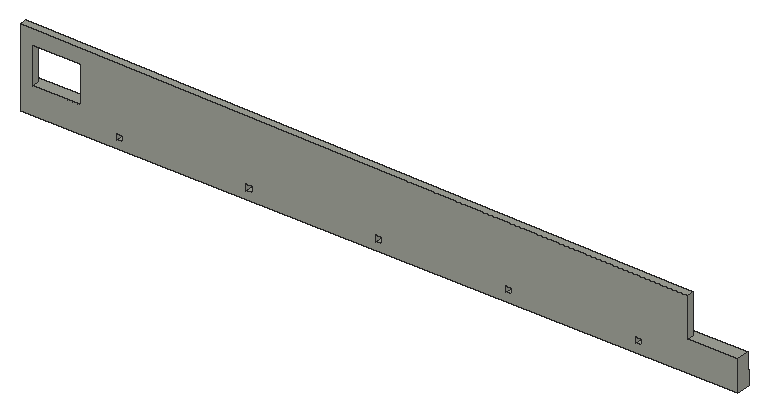
Revit family "CT_Blocos_Viga_Mestra_Junta", category Structural Framing, Revit 2025
Family settings
  Display in Hidden Views = Edges Hidden by Other Members
  Structural Framing Length Roundoff = 0.000 m
  Section Shape = Not Defined
  Material for Model Behavior = Concrete
  Always export as geometry = No
  OmniClass Number = 23.25.30.11.14.14
  OmniClass Title = Beams
  Always vertical = Yes
  Cut with Voids When Loaded = No
  Symbolic Representation = From Family
  Shared = No
  Show family pre-cut in plan views = Yes
Parameters (values of type "Viga_012x130_CON_BLC_MST_JDI")
  Structural Material [instance] = CT_Concreto
  Material_Vigas = CT_Concreto
  H2 [instance] = 1.140 m
  Assembly Code = ""
  Length [instance] = 11.920 m
  b = 0.120 m
  h = 1.300 m
Reference planes (m)
  plane 1 "Center (Front/Back)": y = 0
  plane 2: z = 0
  plane 3 "Center (Left/Right)": x = 5.20261
  plane 4: y = 0.06
  plane 5: y = -0.06
  plane 6: z = 1.3
  plane 7 "Left": x = -0.75739
  plane 8 "Right": x = 11.16261
  plane 9: z = 1.14
Forms (m)
  Extrusion 1, solid, material "CT_Concreto" <- "Material_Vigas"
    sketch origin (0, 0, 0) x (1, 0, 0) y (0, 0, 1)
      loop
        line (-0.75739, 1.3) -> (-0.75739, 0) -> (11.16261, 0) -> (11.16261, 0.5) -> (10.32761, 0.5) -> (10.32761, 1.151208) -> (-0.75739, 1.3)
      loop
        line (-0.55739, 0.45) -> (0.24261, 0.45) -> (0.24261, 1.05) -> (-0.55739, 1.05) -> (-0.55739, 0.45)
      loop
        line (0.84261, 0.135833) -> (0.94261, 0.135833) -> (0.94261, 0.235833) -> (0.84261, 0.235833) -> (0.84261, 0.135833)
      loop
        line (5.15261, 0.135833) -> (5.25261, 0.135833) -> (5.25261, 0.235833) -> (5.15261, 0.235833) -> (5.15261, 0.135833)
      loop
        line (9.56261, 0.135833) -> (9.56261, 0.235833) -> (9.46261, 0.235833) -> (9.46261, 0.135833) -> (9.56261, 0.135833)
      loop
        line (2.99761, 0.135833) -> (3.09761, 0.135833) -> (3.09761, 0.235833) -> (2.99761, 0.235833) -> (2.99761, 0.135833)
      loop
        line (7.40761, 0.135833) -> (7.40761, 0.235833) -> (7.30761, 0.235833) -> (7.30761, 0.135833) -> (7.40761, 0.135833)
    from -0.06 to 0.06
  Extrusion 2, solid, material "CT_Concreto" <- "Material_Vigas"
    sketch origin (-0.06, -0.141258, 0) x (1, 0, 0) y (0, 1, 0)
      loop
        line (11.22261, 0.301258) -> (9.72261, 0.301258) -> (9.72261, 0.201258) -> (11.22261, 0.201258) -> (11.22261, 0.301258)
    from 0 to 0.5
  Extrusion 3, solid, material "CT_Concreto" <- "Material_Vigas"
    sketch origin (10.46522, -0.141258, 0) x (-1, 0, 0) y (0, -1, 0)
      loop
        line (11.22261, -0.301258) -> (11.22261, -0.081258) -> (9.72261, -0.081258) -> (9.72261, -0.301258) -> (11.22261, -0.301258)
    from 0 to 0.45
Cuts and joins
  joined: Extrusion 1, Extrusion 2, Extrusion 3
Dimensions and locks (m)
  "b": plane 4 to plane 5
  plane 2 to plane 6 = 1.300 m
  equal spacing: plane 4, plane 1 "Center (Front/Back)", plane 5
  "Length": plane 7 "Left" to plane 8 "Right"
  plane 7 "Left" to plane 8 "Right" = 11.920 m
  equal spacing: plane 7 "Left", plane 3 "Center (Left/Right)", plane 8 "Right"
  "h": plane 6 to plane 2
  "H2": plane 9 to level
  Extrusion 2 to Extrusion 2 to Extrusion 1 to Extrusion 1 = 0.100 m, 0.000 m, 0.120 m
  Extrusion 2 to Extrusion 2 to plane 1 "Center (Front/Back)" = 0.100 m, 0.060 m
  Extrusion 3 to Extrusion 3 = 0.220 m
  Extrusion 2 to Extrusion 2 = 0.500 m
  aligned and locked: Extrusion 1 to plane 4
  aligned and locked: Extrusion 1 to plane 5
  aligned and locked: Extrusion 1 sketch curve to level
  aligned and locked: Extrusion 2 to plane 8 "Right"
  aligned and locked: Extrusion 3 to plane 5
  aligned and locked: Extrusion 2 to Extrusion 1
Automatic sketch dimensions
  plane 7 "Left" to Extrusion 1 sketch curve = 0.000 m
  plane 8 "Right" to Extrusion 1 sketch curve = 0.000 m
  Extrusion 1 sketch curve to plane 6 = 0.000 m
  Extrusion 1 sketch curve to plane 7 "Left" = 0.200 m
  Extrusion 1 sketch curve to Extrusion 1 sketch curve = 0.800 m
  level to Extrusion 1 sketch curve = 0.135833 m  (x3)
  Extrusion 1 sketch curve to Extrusion 1 sketch curve = 0.600 m
  Extrusion 1 sketch curve to Extrusion 1 sketch curve = 0.100 m  (x9)
  level to Extrusion 1 sketch curve = 0.235833 m  (x2)
  Extrusion 1 sketch curve to Extrusion 1 sketch curve = 2.055 m  (x2)
  Extrusion 1 sketch curve to plane 3 "Center (Left/Right)" = 0.050 m
  plane 3 "Center (Left/Right)" to Extrusion 1 sketch curve = 0.050 m
  plane 8 "Right" to Extrusion 1 sketch curve = 1.700 m
  Extrusion 1 sketch curve to plane 9 = 0.011208 m
  plane 8 "Right" to Extrusion 1 sketch curve = 0.835 m
  level to Extrusion 1 sketch curve = 0.450 m
  level to Extrusion 1 sketch curve = 0.500 m
  plane 9 to Extrusion 1 sketch curve = 0.090 m
  Extrusion 2 sketch curve to plane 8 "Right" = 0.000 m
  plane 5 to Extrusion 2 sketch curve = 0.120 m
  plane 8 "Right" to Extrusion 2 sketch curve = 1.500 m
  plane 4 to Extrusion 2 sketch curve = 0.100 m
  Extrusion 3 sketch curve to plane 7 "Left" = 0.000 m
  Extrusion 3 sketch curve to plane 5 = 0.000 m
  Extrusion 3 sketch curve to Extrusion 3 sketch curve = 1.500 m
  Extrusion 3 sketch curve to plane 4 = 0.100 m
